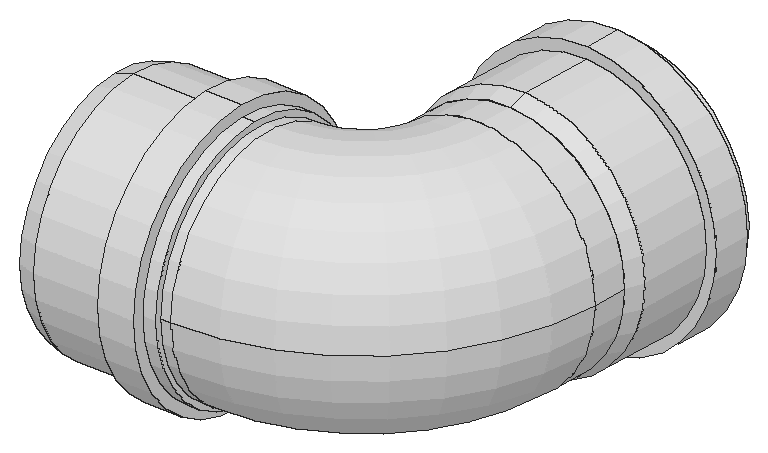
Revit family "EP-Система_Фитинг_НПВХ_Отвод 45 и 87", category Соединительные детали трубопроводов, Revit 2019
Family settings
  Размер круглого соединителя = Использовать диаметр
  Тип детали = Отвод
  На основе рабочей плоскости = Нет
  Всегда вертикально = Да
  При загрузке вырезать с полостями = Нет
  Общий = Нет
Parameters (values of type "EP-Система")
  Усиленный [instance] = no
  Угол [instance] = 87.00°
  Типовой = no
  Раструб Подводящий [instance] = yes
  Раструб Видимость 2.2 [instance] = and(Обратить, Раструб Подводящий)  # yes
  Раструб Видимость 2.1 [instance] = not(Обратить)  # no
  Раструб Видимость 1.2 [instance] = and(not(Обратить), Раструб Подводящий)  # no
  Раструб Видимость 1.1 [instance] = Обратить  # yes
  Поиск в таблице имен 4 = "EP-Система_Фитинг_НПВХ_Отвод 45 и 87"
  Поиск в таблице имен 3 = "EP-Система_Фитинг_НПВХ_Отвод 45 и 87"
  Поиск в таблице имен 2 = "EP-Система_Фитинг_НПВХ_Отвод 45 и 87"
  Поиск в таблице имен = "EP-Система_Фитинг_НПВХ_Отвод 45 и 87"
  Размер засечки [instance] = 22.5 mm
  Радиус изгиба [instance] = ADSK_Диаметр условный / 2 + 2 mm  # 64.5 mm
  Description = ""
  Обратить [instance] = yes
  Наименование [instance] = size_lookup(Поиск в таблице имен 3, "", "Решение не найдено", ADSK_Диаметр условный, ADSK_Угол)  # "Отвод 87°, DN125"
  Материал = Пластик НПВХ Белый
  Assembly Code = ""
  Manufacturer = ""
  z2 [instance] = size_lookup(Поиск в таблице имен, "z2", 0 mm, ADSK_Диаметр условный, ADSK_Угол)  # 79 mm
  z1 [instance] = size_lookup(Поиск в таблице имен, "z1", 0 mm, ADSK_Диаметр условный, ADSK_Угол)  # 67 mm
  l2 [instance] = size_lookup(Поиск в таблице имен, "L2", 0 mm, ADSK_Диаметр условный, ADSK_Угол)  # 62 mm
  l1 [instance] = size_lookup(Поиск в таблице имен, "L1", 0 mm, ADSK_Диаметр условный, ADSK_Угол)  # 69 mm
  X2 [instance] = if(Обратить, if(Раструб Подводящий, if(A + 1 mm > z1, A + 2 mm, z1), z1 + l1), z2)  # 67 mm
  X1 [instance] = if(Обратить, z2, if(Раструб Подводящий, if(A + 1 mm > z1, A + 2 mm, z1), z2 + l2))  # 79 mm
  URL = ""
  S [instance] = size_lookup(Поиск в таблице имен 4, "s", 3 mm, ADSK_Диаметр условный, ADSK_Угол)  # 3.2 mm
  ADSK_Угол [instance] = if(Угол < 22.50°, 15.00°, if(Угол < 37.50°, 30.00°, if(Угол < 56.50°, 45.00°, if(Угол < 78.00°, 67.30°, 87.00°))))  # 87.00°
  ADSK_Наименование краткое = "Отвод"
  ADSK_Наименование [instance] = size_lookup(Поиск в таблице имен 3, "", "Решение не найдено", ADSK_Диаметр условный, ADSK_Угол)  # "Отвод 87°, DN125"
  ADSK_Масса_Текст [instance] = ""
  ADSK_Масса [instance] = size_lookup(Поиск в таблице имен 2, "Mass", 0, ADSK_Диаметр условный, ADSK_Угол)  # 0
  ADSK_Марка = ""
  ADSK_Код изделия [instance] = size_lookup(Поиск в таблице имен 4, "ADSK_Код изделия", "Решение не найдено", ADSK_Диаметр условный, ADSK_Угол)  # "ЕР553812532"
  ADSK_Завод-изготовитель = " Agpipe"  # constant formula
  ADSK_Единица измерения = "шт."  # constant formula
  ADSK_Диаметр условный [instance] = 125 mm
  A [instance] = Радиус изгиба * tan(Угол / 2)  # 61.208 mm
Reference planes
  plane 1 "По центру (Вперед/Назад)": y = 0
  plane 2: z = 0
  plane 3 "По центру (Влево/Вправо)": x = 0
Forms (mm)
  Sweep 1, solid, material "Пластик НПВХ Белый" <- "Материал", detail levels fine
    path in 3D
      loop
        line (-67, 0, 0) -> (-61.208, 0, 0)
        arc (-61.208, 0, 0) -> (-16.809, 17.713, 0) -> (3.203, 61.124, 0) r 64.5
        line (3.203, 61.124, 0) -> (4.135, 78.892, 0)
    profile origin (-64.104, 0, 0) x (0, 1, 0) y (0, 0, 1)
      loop
        circle (0, 0) r 62.5
Lines and regions (mm)
  reference lines
    curve 1: line (0, 0, 0) -> (9.42, 179.753, 0)
    curve 12: line (0, 0, 105) -> (-24, 0, 105)
  model lines, detail levels coarse+medium
    curve 2: line (-67, 0, 0) -> (-61.208, 0, 0)
    curve 3: line (3.203, 61.124, 0) -> (4.135, 78.892, 0)
    curve 4: line (-67, 0, 0) -> (-67, 22.5, 0)
    curve 5: line (-67, 0, 0) -> (-67, -22.5, 0)
    curve 6: line (4.135, 78.892, 0) -> (-18.335, 80.069, 0)
    curve 7: line (4.135, 78.892, 0) -> (26.604, 77.714, 0)
    curve 8: arc (-61.208, 0, 0) -> (-16.809, 17.713, 0) -> (3.203, 61.124, 0) r 64.5
  sketch lines
    curve 9: line (-67, 0, 0) -> (-61.208, 0, 0)
    curve 10: arc (-61.208, 0, 0) -> (-16.809, 17.713, 0) -> (3.203, 61.124, 0) r 64.5
    curve 11: line (3.203, 61.124, 0) -> (4.135, 78.892, 0)
Dimensions and locks
  "X2": curve 5 to plane 3 "По центру (Влево/Вправо)"
  "X1": curve 1 to curve 7
  "Размер засечки": curve 5 to plane 1 "По центру (Вперед/Назад)"
  "Размер засечки": plane 1 "По центру (Вперед/Назад)" to curve 4
  "Размер засечки": curve 7 to curve 1
  "Размер засечки": curve 1 to curve 6
  "A": curve 8 to plane 3 "По центру (Влево/Вправо)"
  "Радиус изгиба": plane 1 "По центру (Вперед/Назад)" to curve 8
  "Радиус изгиба": radius of curve 8
  "ADSK_Диаметр условный": diameter of Sweep 1 sketch curve
  "Угол": angle plane 1 "По центру (Вперед/Назад)" to curve 1
  "Угол": angle plane 3 "По центру (Влево/Вправо)" to curve 7
  "Угол": angle plane 3 "По центру (Влево/Вправо)" to curve 6
  "Угол": angle curve 8 to curve 8
  "Угол": angle plane 1 "По центру (Вперед/Назад)" to nested 2
  "Угол": angle plane 1 "По центру (Вперед/Назад)" to nested 3
  aligned and locked: level to plane 2
  aligned and locked: plane 3 "По центру (Влево/Вправо)" to curve 1
  aligned and locked: plane 1 "По центру (Вперед/Назад)" to curve 1
  aligned and locked: curve 1 to curve 7
  aligned and locked: curve 12 to curve 1
  aligned and locked: curve 12 to plane 1 "По центру (Вперед/Назад)"
  aligned and locked: nested 1 to Sweep 1
  aligned and locked: curve 1 to nested 2
  aligned and locked: nested 2 to Sweep 1
  aligned and locked: nested 3 to curve 1
  aligned and locked: nested 3 to Sweep 1
  aligned and locked: nested 4 to Sweep 1
Automatic sketch dimensions
  curve 12 to plane 3 "По центру (Влево/Вправо)" = 24 mm
  Sweep 1 sketch curve to profile plane = 0 mm  (x2)
Nested families
  nested 1: "Фитинг_ПП_Раструб(Влож)" at (-67, 0, 0) x (-1, 0, 0) z (0, 0, 1), ADSK_Диаметр условный <- "ADSK_Диаметр условный", visible <- "Раструб Видимость 2.1", type "Фитинг_ПП_Раструб(Влож)", detail levels fine
    with Толщина Стенки 2 1.8 mm, Толщина Стенки 1 2.8 mm, Длина 73.5 mm, Диаметр Наружный Трубного Кольца 141.8 mm, Диаметр Наружный 130.6 mm, C 26 mm, B 7 mm, ADSK_Диаметр условный 125 mm, A 38 mm
  nested 2: "Фитинг_ПП_Раструб(Влож)" at (4.135, 78.892, 0) x (0.0523, 0.9986, 0) z (0, 0, 1), ADSK_Диаметр условный <- "ADSK_Диаметр условный", visible <- "Раструб Видимость 1.1", type "Фитинг_ПП_Раструб(Влож)", detail levels fine
    with Толщина Стенки 2 1.8 mm, Толщина Стенки 1 2.8 mm, Длина 73.5 mm, Диаметр Наружный Трубного Кольца 141.8 mm, Диаметр Наружный 130.6 mm, C 26 mm, B 7 mm, ADSK_Диаметр условный 125 mm, A 38 mm
  nested 3: "Фитинг_ПП_Раструб(Влож)" at (7.981, 152.291, 0) x (-0.0523, -0.9986, 0) z (0, 0, 1), ADSK_Диаметр условный <- "ADSK_Диаметр условный", visible <- "Раструб Видимость 1.2", type "Фитинг_ПП_Раструб(Влож)", detail levels fine
    with Толщина Стенки 2 1.8 mm, Толщина Стенки 1 2.8 mm, Длина 73.5 mm, Диаметр Наружный Трубного Кольца 141.8 mm, Диаметр Наружный 130.6 mm, C 26 mm, B 7 mm, ADSK_Диаметр условный 125 mm, A 38 mm
  nested 4: "Фитинг_ПП_Раструб(Влож)" at (-140.5, 0, 0), ADSK_Диаметр условный <- "ADSK_Диаметр условный", visible <- "Раструб Видимость 2.2", type "Фитинг_ПП_Раструб(Влож)", detail levels fine
    with Толщина Стенки 2 1.8 mm, Толщина Стенки 1 2.8 mm, Длина 73.5 mm, Диаметр Наружный Трубного Кольца 141.8 mm, Диаметр Наружный 130.6 mm, C 26 mm, B 7 mm, ADSK_Диаметр условный 125 mm, A 38 mm
Connectors
  piping at (4.135, 78.892, 0), diameter 125, driven by "ADSK_Диаметр условный", driven by "Угол"
    settings: on nested 3, index 3, connector inside diameter 609.6 mm, connector length 0 mm, flow factor 0, pipe flow 0.0 L/s, pressure drop 0.0 Pa, fitting loss kfactor 0, connector angle 87.00°, fixture units 0, engagement length 0 mm, angle of deflection 0.00°, flow configuration 0, flow direction 0, fitting loss method 0, system type 28, joint type 0, gender type 0, connector reference index 4, connector utility 0, adjustable connector no, is connector primary no, connector description ""
  piping at (-67, 0, 0), diameter 125, driven by "ADSK_Диаметр условный", driven by "Угол"
    settings: on Sweep 1, index 4, connector inside diameter 609.6 mm, connector length 0 mm, flow factor 0, pipe flow 0.0 L/s, pressure drop 0.0 Pa, fitting loss kfactor 0, connector angle 87.00°, fixture units 0, engagement length 0 mm, angle of deflection 0.00°, flow configuration 0, flow direction 0, fitting loss method 0, system type 28, joint type 0, gender type 0, connector reference index 3, connector utility 0, adjustable connector no, is connector primary yes, connector description ""
Definition of nested family "Фитинг_ПП_Раструб(Влож)"
  Parameters (values of type "CISP_Фитинг_ПП_Раструб")
    Толщина Стенки 2 [instance] = size_lookup(Поиск в таблице имен, "e3", 1 mm, ADSK_Диаметр условный)  # 1.5 mm
    Толщина Стенки 1 [instance] = size_lookup(Поиск в таблице имен, "e2", 1 mm, ADSK_Диаметр условный)  # 2.4 mm
    Поиск в таблице имен = "CISP_Фитинг_ПП_Раструб"
    Материал = none
    Длина [instance] = A + C + A / 4  # 67 mm
    Диаметр Наружный Трубного Кольца [instance] = ADSK_Диаметр условный + 2 * Толщина Стенки 1 + 4 * Толщина Стенки 1  # 124.4 mm
    Диаметр Наружный [instance] = ADSK_Диаметр условный + 2 * Толщина Стенки 1  # 114.8 mm
    C [instance] = size_lookup(Поиск в таблице имен, "C", 1 mm, ADSK_Диаметр условный)  # 22 mm
    B [instance] = size_lookup(Поиск в таблице имен, "B", 1 mm, ADSK_Диаметр условный)  # 6 mm
    ADSK_Диаметр условный [instance] = 110 mm
    A [instance] = size_lookup(Поиск в таблице имен, "A", 1 mm, ADSK_Диаметр условный)  # 36 mm
  Reference planes
    plane 1 "По центру (Вперед/Назад)": y = 0
    plane 2: z = 0
    plane 3 "По центру (Влево/Вправо)": x = 0
    plane 4: x = 67
    plane 5: z = 57.4
    plane 6: z = -57.4
    plane 7: x = 45
    plane 8: x = 61
    plane 9: x = 9
    plane 10: z = 62.2
    plane 11: z = -62.2
    plane 12: z = 55
    plane 13: z = -55
  Forms (mm)
    Sweep 1, solid, material <- "Материал"
      path origin (0, 0, 0) x (1, 0, 0) y (0, 0, 1)
        loop
          line (9, 0) -> (67, 0)
      profile origin (38, 0, 0) x (0, 0, 1) y (0, -1, 0)
        loop
          circle (0, 0) r 57.4
    SweptBlend 2, solid, material <- "Материал"
      path origin (0, 0, 0) x (1, 0, 0) y (0, 0, 1)
        loop
          line (0, 0) -> (9, 0)
      profile origin (0, 0, 0) x (0, 0, 1) y (0, -1, 0)
        loop
          circle (0, 0) r 55
      end profile origin (9, 0, 0) x (0, 0, 1) y (0, -1, 0)
        loop
          circle (0, 0) r 57.4
    Sweep 3, solid, material <- "Материал"
      path origin (0, 0, 0) x (1, 0, 0) y (0, 0, 1)
        loop
          line (45, 0) -> (61, 0)
      profile origin (53, 0, 0) x (0, 0, 1) y (0, -1, 0)
        loop
          circle (0, 0) r 62.2
  Cuts and joins
    joined: Sweep 1, SweptBlend 2, Sweep 3
  Dimensions and locks
    "Длина": plane 4 to plane 3 "По центру (Влево/Вправо)"
    equal spacing: plane 5, level, plane 6
    "Диаметр Наружный": plane 5 to plane 6
    "C": plane 4 to plane 7
    "A": plane 7 to plane 9
    "B": plane 4 to plane 8
    equal spacing: plane 12, level, plane 13
    "ADSK_Диаметр условный": plane 12 to plane 13
    equal spacing: plane 10, level, plane 11
    "Диаметр Наружный Трубного Кольца": plane 10 to plane 11
    "Диаметр Наружный": diameter of Sweep 1 sketch curve
    "ADSK_Диаметр условный": diameter of SweptBlend 2 sketch curve
    "Диаметр Наружный": diameter of SweptBlend 2 sketch curve
    "Диаметр Наружный Трубного Кольца": diameter of Sweep 3 sketch curve
    aligned and locked: level to plane 2
    aligned and locked: plane 9 to Sweep 1 sketch curve
    aligned and locked: Sweep 1 sketch curve to plane 2
    aligned and locked: plane 4 to Sweep 1 sketch curve
    aligned and locked: plane 3 "По центру (Влево/Вправо)" to SweptBlend 2 sketch curve
    aligned and locked: plane 9 to SweptBlend 2 sketch curve
    aligned and locked: SweptBlend 2 sketch curve to level
    aligned and locked: plane 7 to Sweep 3 sketch curve
    aligned and locked: plane 8 to Sweep 3 sketch curve
    aligned and locked: Sweep 3 sketch curve to plane 2
  Automatic sketch dimensions
    Sweep 1 sketch curve to plane 1 "По центру (Вперед/Назад)" = 0 mm
    profile plane to Sweep 1 sketch curve = 0 mm
    SweptBlend 2 sketch curve to plane 1 "По центру (Вперед/Назад)" = 0 mm  (x2)
    profile plane to SweptBlend 2 sketch curve = 0 mm  (x2)
    Sweep 3 sketch curve to plane 1 "По центру (Вперед/Назад)" = 0 mm
    profile plane to Sweep 3 sketch curve = 0 mm
